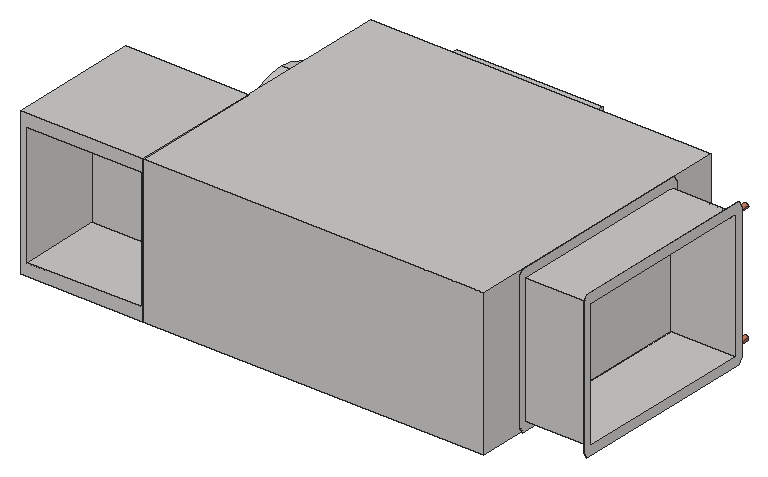
Revit family
Parameters
  Width = 3' - 3"
  Voltage = 120 V
  Unit Weight = if(Number of Rows = 1, "272.0 lbs", if(Number of Rows = 2, "277.0 lbs", "0"))  # "272.0 lbs"
  UltraLoc Liner = Choose Liner Option = 3  # no
  URL = "http://www.titus-hvac.com/"
  UL = "181"
  Supply Air Flow [instance] = 0 CFM
  SteriLoc Liner = Choose Liner Option = 2  # no
  Secondary Material = Copper Connectors
  Primary Air Pressure Drop [instance] = 0.00 in-wg
  Primary Air Flow [instance] = 0 CFM
  Pressure [instance] = 0.00 psi
  Plenum Air Pressure Drop [instance] = 0.00 in-wg
  Plenum Air Flow [instance] = 0 CFM
  Outlet Width = 2' - 1"
  Outlet Height = 1' - 5 1/2"
  Number of Rows = 1
  Number of Poles = 1
  Nominal Width = Width + 0' 6 1/4"  # 3' - 9 1/4"
  Nominal Length = Length + 1' 4 7/8" + 0' 9"  # 6' - 0 5/8"
  Nominal Inlet Size = 1' - 4"
  Nominal Height = 1' - 8"
  NFPA = "90A"
  Motor Full Load Amps [instance] = 8.6 A
  Model = "DTFS-F"
  Min. Air Flow = 0 CFM
  Max. Air Flow = 4000 CFM
  Material = Galvanized Steel
  Manufacturer = "Titus"
  Length = 3' - 10 3/4"
  Juction Box Offset = 0' - 6 7/8"
  Inlet Diameter = Nominal Inlet Size - 0' 0 1/8"  # 1' - 3 7/8"
  Induced Air Inlet Width = 1' - 4 7/8"
  Induced Air Inlet Offset = (Nominal Height - Induced Air Inlet Connection Height) / 2  # 0' - 1 11/16"
  Induced Air Inlet Height = 1' - 6 1/8"
  Induced Air Inlet Connection Width = 1' - 3 3/4"
  Induced Air Inlet Connection Height = 1' - 4 5/8"
  Induced Air Filter = no
  Heating Total Capacity [instance] = 0 Btu/h
  Heating Entering Water Temp = 0 °F
  Half Outlet Width = 1' - 0 1/2"
  Half Outlet Connection Width = Outlet Width / 2  # 1' - 0 1/2"
  Half Outlet Connection Height = Outlet Height / 2  # 0' - 8 3/4"
  Half Height Start = -(Nominal Height / 2)  # -0' - 10"
  Half Height End = Nominal Height / 2  # 0' - 10"
  HWC Option = HWC Section : D-E - 1 Row
  HWC Connector Radius = 5/16"
  HWC Connector Length = 0' - 3"
  HP-Motor = "3/4"
  Gallons Per Minute [instance] = 0 GPM
  Frequency = 60 Hz
  Flange Offset = 0' - 1 1/4"
  Filter Size = "18\"x17\""
  Fiber Free Liner = Choose Liner Option = 1  # no
  Fan Disconnect Switch = no
  Duct Radius = Nominal Inlet Size / 2  # 0' - 8"
  Description = "Ultra Quiet Series Fan Powered Terminal Unit, Direct Digital Control, Pressure Independent"
  Connector Vertical Offset = if(Number of Rows = 1, 1' 4 1/4", if(Number of Rows = 2, 1' 4 3/4", 0' 0"))  # 1' - 4 1/4"
  Connector Horizontal Offset = if(Number of Rows = 1, 0' 0", if(Number of Rows = 2, 0' 1", 0' 0"))  # 0' - 0"
  Connection Void Radius = Connection Radius - 0' 0 1/4"  # 0' - 7 11/16"
  Connection Radius = Inlet Diameter / 2  # 0' - 7 15/16"
  Choose Liner Option = 0
  CADworks URL = "www.CADworks.net"
  Assembly Code = "D3040100"
  Apparent Power [instance] = Voltage * Motor Full Load Amps  # 1032 VA
  Air Inlet Offset = 0' - 11"
  1/2" Fiberglass Liner = Choose Liner Option = 0  # yes
  1" Fiberglass Liner = Choose Liner Option = 4  # no
Reference planes (in)
  plane 1 "Center (Front/Back)": y = 0
  plane 2: z = 0
  plane 3 "Center (Left/Right)": x = 3
  plane 4: x = -20.375
  plane 5: x = 26.375
  plane 6: x = -13.5
  plane 7: x = -23.75
  plane 8 "Center (Elevation)": z = 0
  plane 9: y = -19.5
  plane 10: y = 19.5
  plane 11: y = 8.5
  plane 12: y = -8.25
  plane 13: z = 0.6875
  plane 14: z = -6.875
  plane 15: x = 35.375
  plane 16: x = 34.375
  plane 17: x = 34.375
  plane 18: y = 15.5
  plane 19: z = -8.125
  plane 20: z = 8.125
  plane 21: y = -12.5
  plane 22: y = 12.5
  plane 23: x = -37.25
  plane 24: y = 25.75
  plane 25: z = 10
  plane 26: z = -10
Forms (in)
  Extrusion 1, solid, material "Galvanized Steel" <- "Material"
    sketch origin (0, 0, 0) x (1, 0, 0) y (0, 1, 0)
      loop
        line (-20.375, 19.5) -> (-20.375, -19.5) -> (26.375, -19.5) -> (26.375, 19.5) -> (-20.375, 19.5)
    from -10 <- "Half Height Start" to 10 <- "Half Height End"
  Extrusion 2, solid, material "Galvanized Steel" <- "Material"
    sketch origin (0, 0, 0) x (1, 0, 0) y (0, 1, 0)
      loop
        line (-37.25, -1.375) -> (-37.25, -19.5) -> (-20.375, -19.5) -> (-20.375, -1.375) -> (-37.25, -1.375)
    from -10 <- "Half Height Start" to 10 <- "Half Height End"
  Extrusion 3, void, detail levels fine
    sketch origin (0, -19.5, 0) x (1, 0, 0) y (0, 0, -1)
      loop
        line (-20.625, 8.3125) -> (-36.375, 8.3125) -> (-36.375, -8.3125) -> (-20.625, -8.3125) -> (-20.625, 8.3125)
    from 0 to 11.25
  Extrusion 4, solid, material "Galvanized Steel" <- "Material"
    sketch origin (3.125, 0, 0) x (1, 0, 0) y (0, 1, 0)
      loop
        line (-16.625, 19.5) -> (3.375, 19.5) -> (3.375, 25.75) -> (-16.625, 25.75) -> (-16.625, 19.5)
    from -6 to 6
  Extrusion 5, solid, material "Galvanized Steel" <- "Material"
    sketch origin (-24.875, -3, 0) x (0, 0, -1) y (0, 1, 0)
      loop
        circle (0, 11.5) r 7.9375
    from 1.125 to 4.5
  Extrusion 6, void, detail levels fine
    sketch origin (-24.875, 0, 0) x (0, 1, 0) y (0, 0, 1)
      loop
        circle (8.5, 0) r 7.6875
    from 1.125 to 11.375
  Extrusion 7, void, detail levels fine
    sketch origin (35.375, -12.5, 8.75) x (0, 0, 1) y (0, -1, 0)
      loop
        line (-17.5, 0) -> (-17.5, -25) -> (0, -25) -> (0, 0) -> (-17.5, 0)
    from -0.0625 to 0
  Extrusion 8, solid, material "Copper Connectors" <- "Secondary Material", detail levels fine
    sketch origin (0, 0, 0) x (1, 0, 0) y (0, 0, 1)
      loop
        circle (34.375, 8.125) r 0.3125
    from -15.5 to -12.5625
  Extrusion 9, solid, material "Copper Connectors" <- "Secondary Material", detail levels fine
    sketch origin (0, 0, 0) x (1, 0, 0) y (0, 0, 1)
      loop
        circle (34.375, -8.125) r 0.3125
    from -15.5 to -12.5625
Cuts and joins
  Extrusion 3 cuts Extrusion 2
  Extrusion 6 cuts Extrusion 1
  Extrusion 6 cuts Extrusion 5
Dimensions and locks (in)
  "Length": plane 5 to plane 4
  equal spacing: plane 5, plane 3 "Center (Left/Right)", plane 4
  locked: Extrusion 4 to Extrusion 4 at 20
  "Juction Box Offset": plane 6 to plane 4
  locked: plane 4 to plane 7 at 3.375
  "Width": plane 9 to plane 10
  equal spacing: plane 9, plane 1 "Center (Front/Back)", plane 10
  locked: Extrusion 5 sketch curve to level at 0
  locked: Extrusion 5 sketch curve to plane 11 at 0
  locked: Extrusion 6 sketch curve to level at 0
  locked: Extrusion 6 sketch curve to plane 11 at 0
  locked: Extrusion 4 to Extrusion 4 at 6.25
  locked: Extrusion 4 to Extrusion 4 at 12
  equal spacing: Extrusion 4, plane 8 "Center (Elevation)", Extrusion 4
  locked: plane 12 to plane 9 at 11.25
  "Air Inlet Offset": plane 10 to plane 11
  "Induced Air Inlet Height": cut or joined group of Extrusion 2, Extrusion 3 to cut or joined group of Extrusion 2, Extrusion 3
  locked: cut or joined group of Extrusion 5, Extrusion 6 to cut or joined group of Extrusion 5, Extrusion 6 at 3.375
  locked: plane 12 to plane 12 at 0
  "Induced Air Inlet Connection Height": Extrusion 3 sketch curve to Extrusion 3 sketch curve
  "Induced Air Inlet Offset": Extrusion 3 sketch curve to cut or joined group of Extrusion 2, Extrusion 3
  "Induced Air Inlet Connection Width": Extrusion 3 sketch curve to Extrusion 3 sketch curve
  locked: Extrusion 3 sketch curve to cut or joined group of Extrusion 1, Extrusion 6 at 0.25
  "Connector Vertical Offset": plane 20 to plane 19
  equal spacing: plane 20, plane 8 "Center (Elevation)", plane 19
  locked: plane 15 to plane 5 at 9
  locked: plane 15 to plane 16 at 1
  "Connector Horizontal Offset": plane 16 to plane 17
  locked: Extrusion 8 sketch curve to plane 17 at 0
  locked: Extrusion 8 sketch curve to plane 20 at 0
  locked: Extrusion 9 sketch curve to plane 16 at 0
  locked: Extrusion 9 sketch curve to plane 19 at 0
  "HWC Connector Length": plane 18 to plane 22
  locked: cut or joined group of Extrusion 1, Extrusion 6 to Extrusion 7 at 9
  locked: cut or joined group of Extrusion 2, Extrusion 3 to cut or joined group of Extrusion 2, Extrusion 3 at 16.875
  locked: cut or joined group of Extrusion 2, Extrusion 3 to cut or joined group of Extrusion 2, Extrusion 3 at 20
  equal spacing: cut or joined group of Extrusion 2, Extrusion 3, plane 8 "Center (Elevation)", cut or joined group of Extrusion 2, Extrusion 3
  locked: cut or joined group of Extrusion 1, Extrusion 6 to cut or joined group of Extrusion 1, Extrusion 6 at 20
  equal spacing: cut or joined group of Extrusion 1, Extrusion 6, plane 8 "Center (Elevation)", cut or joined group of Extrusion 1, Extrusion 6
  locked: nested 1 to cut or joined group of Extrusion 1, Extrusion 6 at 1.1875
  locked: cut or joined group of Extrusion 1, Extrusion 6 to nested 1 at 1.1875
  "Connection Radius": radius of Extrusion 5 sketch curve
  "Connection Void Radius": radius of Extrusion 6 sketch curve
  "HWC Connector Radius": radius of Extrusion 8 sketch curve
  "HWC Connector Radius": radius of Extrusion 9 sketch curve
  aligned and locked: plane 10 to Extrusion 4
  aligned and locked: plane 6 to Extrusion 4
  aligned and locked: plane 7 to cut or joined group of Extrusion 5, Extrusion 6
  aligned and locked: plane 18 to Extrusion 8
  aligned and locked: plane 18 to Extrusion 9
  aligned and locked: plane 9 to cut or joined group of Extrusion 2, Extrusion 3  (x3)
  aligned and locked: plane 5 to nested 1
  aligned and locked: plane 15 to nested 1
  aligned and locked: plane 18 to nested 1  (x2)
  aligned and locked: plane 21 to nested 1
  aligned and locked: plane 22 to nested 1
  aligned and locked: plane 5 to cut or joined group of Extrusion 1, Extrusion 6
  aligned and locked: cut or joined group of Extrusion 1, Extrusion 6 to nested 1
  aligned and locked: cut or joined group of Extrusion 1, Extrusion 6 to plane 10
  aligned and locked: Extrusion 4 to cut or joined group of Extrusion 1, Extrusion 6  (x2)
  aligned and locked: cut or joined group of Extrusion 1, Extrusion 6 to plane 4
  aligned and locked: plane 9 to cut or joined group of Extrusion 1, Extrusion 6
  aligned and locked: cut or joined group of Extrusion 5, Extrusion 6 to cut or joined group of Extrusion 1, Extrusion 6
  aligned and locked: nested 1 to cut or joined group of Extrusion 1, Extrusion 6
  aligned and locked: plane 6 to Extrusion 6
  aligned and locked: Extrusion 6 to plane 7
  aligned and locked: Extrusion 3 to plane 12
  aligned and locked: plane 24 to Extrusion 4
  aligned and locked: plane 23 to cut or joined group of Extrusion 2, Extrusion 3
  aligned and locked: plane 25 to cut or joined group of Extrusion 2, Extrusion 3
  aligned and locked: plane 26 to cut or joined group of Extrusion 2, Extrusion 3
  aligned and locked: plane 26 to cut or joined group of Extrusion 1, Extrusion 6
  aligned and locked: plane 25 to cut or joined group of Extrusion 1, Extrusion 6
Automatic sketch dimensions
  Extrusion 1 sketch curve to plane 4 = 0' - 0"
  Extrusion 1 sketch curve to plane 5 = 0' - 0"
  Extrusion 1 sketch curve to plane 9 = 0' - 0"
  Extrusion 1 sketch curve to plane 10 = 0' - 0"
  Extrusion 2 sketch curve to plane 4 = 0' - 0"
  Extrusion 2 sketch curve to plane 9 = 0' - 0"
  plane 1 "Center (Front/Back)" to Extrusion 2 sketch curve = 0' - 1 3/8"
  Extrusion 4 sketch curve to plane 6 = 0' - 0"
  Extrusion 4 sketch curve to plane 10 = 0' - 0"
  plane 3 "Center (Left/Right)" to Extrusion 4 sketch curve = 0' - 3 1/2"
  Extrusion 4 sketch curve to plane 10 = 0' - 6 1/4"
  Extrusion 2 sketch curve to plane 7 = 1' - 1 1/2"
  Extrusion 7 sketch curve to nested 1 = 0' - 0"  (x4)
Nested families (in)
  nested 1: "HWC Section" at (30.875, 0, 0) x (0, 1, 0) z (0, 0, 1), type <- "HWC Option", type "D-E - 1 Row"
Connectors (in)
  electrical at (-3.5, 25.75, 0), driven by "Apparent Power", driven by "Voltage", driven by "Number of Poles"
    settings: on Extrusion 4, index 8
  hvac at (-23.75, 8.5, 0), driven by "Duct Radius", driven by "Primary Air Pressure Drop", driven by "Primary Air Flow"
    settings: on cut or joined group of Extrusion 5, Extrusion 6, index 9
  hvac at (-28.5, -19.5, 0), driven by "Induced Air Inlet Connection Height", driven by "Induced Air Inlet Connection Width", driven by "Plenum Air Pressure Drop", driven by "Plenum Air Flow"
    settings: on cut or joined group of Extrusion 2, Extrusion 3, index 11
  hvac at (35.375, 0, 0), driven by "Outlet Height", driven by "Outlet Width", driven by "Supply Air Flow"
    settings: on Extrusion 7, index 12
  piping at (34.375, 15.5, 8.125), driven by "Gallons Per Minute", driven by "Pressure", driven by "HWC Connector Radius"
    settings: on Extrusion 8, index 13
  piping at (34.375, 15.5, -8.125), driven by "Gallons Per Minute", driven by "HWC Connector Radius", driven by "Pressure"
    settings: on Extrusion 9, index 14
Definition of nested family "HWC Section"
  Parameters (values of type "B-C - 1 Row")
    Visibility = yes
    Secondary Material = Copper Connectors
    Number of Rows = 1
    Material = Galvanized Steel
    Half Width = HWC Width / 2  # 0' - 10 1/4"
    Half Length-Start = -(HWC Length / 2)  # -0' - 4 1/2"
    Half Length-End = HWC Length / 2  # 0' - 4 1/2"
    HWC Connection Radius = 5/16"
    Flange Offset = 0' - 1"
    Duct Vertical Offset = HWC Height - 0' 0 1/2"  # 1' - 0"
    Duct Horizontal Offset = HWC Width - 0' 0 1/2"  # 1' - 8"
    Connector Vertical Offset = 0' - 11 3/4"
    HWC Width = 1' - 8 1/2"
    HWC Height = 1' - 0 1/2"
    HWC Length = 0' - 9"  # constant formula
    Gallons Per Minute = 0 GPM
    Connector Length = 0' - 3"
    Connector Horizontal Offset = 0' - 0"
  Types (5): name | Number of Rows | Half Width | Flange Offset | Duct Vertical Offset | Duct Horizontal Offset | Connector Vertical Offset | HWC Width | HWC Height | Connector Horizontal Offset
    (no name) | 1 | 0' - 10 1/4" | 0' - 1" | 1' - 0" | 1' - 8" | 0' - 11 3/4" | 1' - 8 1/2" | 1' - 0 1/2" | 0' - 0"
    B-C - 1 Row | 1 | 0' - 10 1/4" | 0' - 1" | 1' - 0" | 1' - 8" | 0' - 11 3/4" | 1' - 8 1/2" | 1' - 0 1/2" | 0' - 0"
    B-C - 2 Row | 2 | 0' - 10 1/4" | 0' - 1" | 1' - 0" | 1' - 8" | 0' - 11 3/4" | 1' - 8 1/2" | 1' - 0 1/2" | 0' - 1"
    D-E - 1 Row | 1 | 1' - 0 1/2" | 0' - 1 1/4" | 1' - 5" | 2' - 0 1/2" | 1' - 4 1/4" | 2' - 1" | 1' - 5 1/2" | 0' - 0"
    D-E - 2 Row | 2 | 1' - 0 1/2" | 0' - 1 1/4" | 1' - 5" | 2' - 0 1/2" | 1' - 4 3/4" | 2' - 1" | 1' - 5 1/2" | 0' - 1"
  Reference planes (in)
    plane 1 "Center (Front/Back)": y = 0
    plane 2: z = 0
    plane 3 "Center (Left/Right)": x = 0
    plane 4: x = -10.25
    plane 5: x = 10.25
    plane 6: y = 4.5
    plane 7: y = -4.5
    plane 8: z = 6.25
    plane 9: z = -6.25
    plane 10: z = 5.875
    plane 11: z = -5.875
    plane 12: y = 3.5
    plane 13: y = 3.5
    plane 14: x = 13.25
  Forms (in)
    Extrusion 1, solid, material "Galvanized Steel" <- "Material", visible <- "Visibility"
      sketch origin (0, 0, 0) x (1, 0, 0) y (0, 0, 1)
        loop
          line (-10.3125, 6.3125) -> (-10.3125, -6.3125) -> (10.3125, -6.3125) -> (10.3125, 6.3125) -> (-10.3125, 6.3125)
      from -4.375 <- "Half Length-Start" to 4.5 <- "Half Length-End"
    Extrusion 2, void, detail levels fine
      sketch origin (0, 0, 0) x (1, 0, 0) y (0, 0, 1)
        loop
          line (-10.25, -6.25) -> (10.25, -6.25) -> (10.25, 6.25) -> (-10.25, 6.25) -> (-10.25, -6.25)
      from -4.5 <- "Half Length-Start" to 4.5 <- "Half Length-End"
    Extrusion 3, solid, material "Copper Connectors" <- "Secondary Material", visible <- "Visibility"
      sketch origin (6, 2.625, 0) x (0, 1, 0) y (0, 0, 1)
        loop
          circle (0.875, -5.875) r 0.3125
      from 4.3125 to 7.25
    Extrusion 4, solid, material "Galvanized Steel" <- "Material", visible <- "Visibility"
      sketch origin (0, -4.375, 0) x (1, 0, 0) y (0, 0, 1)
        loop
          line (-10.25, 6.25) -> (-10.25, -6.25) -> (10.25, -6.25) -> (10.25, 6.25) -> (-10.25, 6.25)
        loop
          line (-11.25, 6.75) -> (-11.25, -6.75) -> (-10.75, -7.25) -> (10.75, -7.25) -> (11.25, -6.75) -> (11.25, 6.75) -> (10.75, 7.25) -> (-10.75, 7.25) -> (-11.25, 6.75)
      from 0 to 0.125
    Extrusion 5, solid, material "Copper Connectors" <- "Secondary Material", visible <- "Visibility"
      sketch origin (6, -0.5, 0) x (0, 1, 0) y (0, 0, 1)
        loop
          circle (4, 5.875) r 0.3125
      from 4.3125 to 7.25
    Extrusion 6, solid, material "Galvanized Steel" <- "Material", visible <- "Visibility"
      sketch origin (0, 4.375, 0) x (1, 0, 0) y (0, 0, -1)
        loop
          line (-10.25, -6.25) -> (10.25, -6.25) -> (10.25, 6.25) -> (-10.25, 6.25) -> (-10.25, -6.25)
        loop
          line (-11.25, -6.75) -> (-10.75, -7.25) -> (10.75, -7.25) -> (11.25, -6.75) -> (11.25, 6.75) -> (10.75, 7.25) -> (-10.75, 7.25) -> (-11.25, 6.75) -> (-11.25, -6.75)
      from 0 to 0.125
  Cuts and joins
    Extrusion 2 cuts Extrusion 1
    joined: Extrusion 1, Extrusion 4, Extrusion 6
  Dimensions and locks (in)
    "HWC Width": plane 4 to plane 5
    equal spacing: plane 4, plane 3 "Center (Left/Right)", plane 5
    "HWC Height": plane 8 to plane 9
    equal spacing: plane 8, plane 2, plane 9
    equal spacing: plane 10, plane 2, plane 11
    locked: plane 12 to plane 6 at 1
    "Connector Horizontal Offset": plane 13 to plane 12
    locked: plane 7 to Extrusion 4 at 0.125
    locked: Extrusion 6 to plane 6 at 0.125
    locked: plane 4 to Extrusion 1 sketch curve at 0.0625
    locked: Extrusion 4 to Extrusion 1 sketch curve at 0.0625
    locked: Extrusion 1 sketch curve to plane 8 at 0.0625
    locked: plane 9 to Extrusion 1 sketch curve at 0.0625
    "Connector Length": plane 5 to plane 14
    "HWC Length": plane 6 to plane 7
    equal spacing: plane 6, plane 1 "Center (Front/Back)", plane 7
    "Connector Vertical Offset": plane 10 to plane 11
    equal spacing: plane 10, level, plane 11
    "HWC Width": Extrusion 4 sketch curve to Extrusion 4 sketch curve
    equal spacing: Extrusion 4 sketch curve, plane 3 "Center (Left/Right)", Extrusion 4 sketch curve
    "HWC Height": Extrusion 4 sketch curve to Extrusion 4 sketch curve
    equal spacing: Extrusion 4 sketch curve, plane 2, Extrusion 4 sketch curve
    locked: cut or joined group of Extrusion 1, Extrusion 2, Extrusion 4, Extrusion 6 to plane 4 at 1  (x2)
    locked: cut or joined group of Extrusion 1, Extrusion 2, Extrusion 4, Extrusion 6 to plane 5 at 1  (x2)
    "HWC Width": Extrusion 6 sketch curve to Extrusion 6 sketch curve
    "HWC Height": Extrusion 6 sketch curve to Extrusion 6 sketch curve
    equal spacing: Extrusion 6 sketch curve, plane 3 "Center (Left/Right)", Extrusion 6 sketch curve
    equal spacing: Extrusion 6 sketch curve, plane 2, Extrusion 6 sketch curve
    "HWC Height": Extrusion 2 sketch curve to Extrusion 2 sketch curve
    "HWC Width": Extrusion 2 sketch curve to Extrusion 2 sketch curve
    equal spacing: Extrusion 2 sketch curve, plane 3 "Center (Left/Right)", Extrusion 2 sketch curve
    equal spacing: Extrusion 2 sketch curve, plane 2, Extrusion 2 sketch curve
    locked: plane 5 to Extrusion 3 at 0.0625
    locked: plane 5 to Extrusion 5 at 0.0625
    "Flange Offset": cut or joined group of Extrusion 1, Extrusion 2, Extrusion 4, Extrusion 6 to plane 8
    "Flange Offset": plane 9 to cut or joined group of Extrusion 1, Extrusion 2, Extrusion 4, Extrusion 6
    "Flange Offset": plane 8 to cut or joined group of Extrusion 1, Extrusion 2, Extrusion 4, Extrusion 6
    "Flange Offset": cut or joined group of Extrusion 1, Extrusion 2, Extrusion 4, Extrusion 6 to plane 9
    "HWC Connection Radius": radius of Extrusion 3 sketch curve
    "HWC Connection Radius": radius of Extrusion 5 sketch curve
    aligned and locked: plane 7 to Extrusion 4
    aligned and locked: plane 6 to Extrusion 6
    aligned and locked: plane 14 to Extrusion 5
    aligned and locked: plane 14 to Extrusion 3
    aligned and locked: Extrusion 6 to cut or joined group of Extrusion 1, Extrusion 2, Extrusion 4, Extrusion 6
    aligned and locked: Extrusion 4 to Extrusion 4
  Automatic sketch dimensions
    Extrusion 3 sketch curve to plane 11 = 0' - 0"
    Extrusion 3 sketch curve to plane 12 = 0' - 0"
    Extrusion 5 sketch curve to plane 10 = 0' - 0"
    Extrusion 5 sketch curve to plane 13 = 0' - 0"
    plane 4 to Extrusion 6 sketch curve = 0' - 1"
    plane 4 to Extrusion 6 sketch curve = 0' - 0 1/2"  (x2)
    Extrusion 6 sketch curve to plane 5 = 0' - 0 1/2"  (x2)
    Extrusion 6 sketch curve to Extrusion 6 sketch curve = 0' - 0 1/2"  (x3)
    plane 8 to Extrusion 6 sketch curve = 0' - 0 1/2"  (x2)
    Extrusion 6 sketch curve to plane 9 = 0' - 0 1/2"  (x2)
    plane 4 to Extrusion 4 sketch curve = 0' - 0 1/2"  (x2)
    Extrusion 4 sketch curve to Extrusion 4 sketch curve = 0' - 0 1/2"  (x4)
    Extrusion 4 sketch curve to plane 5 = 0' - 0 1/2"  (x2)
    Extrusion 4 sketch curve to plane 9 = 0' - 0 1/2"  (x2)
    plane 8 to Extrusion 4 sketch curve = 0' - 0 1/2"  (x2)
